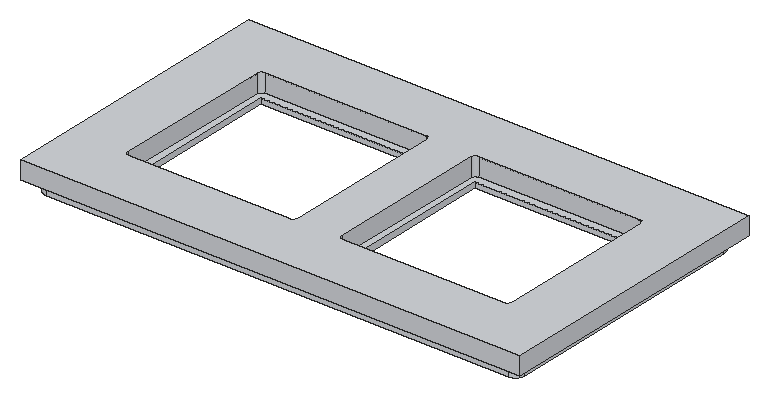
Revit family "Gira_0212127", category Electrical Fixtures, host Face, Revit 2017
Family settings
  Host = Face
  Maintain Annotation Orientation = No
  Round Connector Dimension = Use Diameter
  Part Type = Normal
  Cut with Voids When Loaded = No
  Shared = No
  Room Calculation Point = No
Parameters (values of type "Abdeckrahmen 2f Gira Esprit Alum.Braun")
  Werkstoffgüte = "aluminium"
  Werkstoff = "Metall"
  URL = "http://katalog.gira.de/de_DE/datenblatt.html?artikelnr=0212127"
  Transparent = "No"
  Textfeld/Beschriftungsfläche = "No"
  Schutzart (IP) = "IP20"
  Region = "DE"
  Oberfläche = "sonstige"
  Name = "Abdeckrahmen 2f Gira Esprit Alum.Braun"
  Montagerichtung = "horizontal und vertikal"
  Mit Montagerahmen = "No"
  Mit Klappdeckel = "No"
  Manufacturer URL = "https://www.gira.de/"
  Keynote = "Espr._Rahmen_2fach"
  HeinzeBIM = "https://bimportal.heinze.de/bim/abdeckrahmen-2f-gira-esprit-alum-braun/299ef27d824a28e4231df61f2df30979613c0ab2"
  Halogenfrei = "Yes"
  HAN = "0212127"
  Geeignet für Unterputz-Installation = "Yes"
  Geeignet für Unterflurkanaldose = "No"
  Geeignet für Geräteeinbaukanal = "No"
  Geeignet für Einbauinstallation = "No"
  GTIN = "4010337109082"
  Farbe = "braun"
  Default Elevation = 1219.2 mm
  Data sheet (1) = "https://katalog.gira.de/de_DE/download.html?artikelnr=0212127"
  Category = "Abdeckrahmen"
  Befestigungsart = "Klemmbefestigung"
  Available = "Yes"
  Anzahl der Einheiten vertikal = "2 "
  Anzahl der Einheiten horizontal = "2 "
  Anzahl der Einheiten = "2 "
Reference planes
  plane 1 "Center (Front/Back)": y = 0
  plane 2: z = 0
  plane 3 "Center (Left/Right)": x = 0
Forms (mm)
  Extrusion 1, solid, detail levels fine
    sketch origin (0, 0, 0) x (1, 0, 0) y (0, 1, 0)
      loop
        line (-83, 47.5) -> (-83, -47.5) -> (83, -47.5) -> (83, 47.5) -> (-83, 47.5)
      loop
        arc (-63.75, -26.7) -> (-63.311, -27.761) -> (-62.25, -28.2) r 1.5
        line (-62.25, -28.2) -> (-8.85, -28.2)
        arc (-8.85, -28.2) -> (-7.789, -27.761) -> (-7.35, -26.7) r 1.5
        line (-7.35, -26.7) -> (-7.35, 26.7)
        arc (-7.35, 26.7) -> (-7.789, 27.761) -> (-8.85, 28.2) r 1.5
        line (-8.85, 28.2) -> (-62.25, 28.2)
        arc (-62.25, 28.2) -> (-63.311, 27.761) -> (-63.75, 26.7) r 1.5
        line (-63.75, 26.7) -> (-63.75, -26.7)
      loop
        line (63.75, -26.7) -> (63.75, 26.7)
        arc (63.75, 26.7) -> (63.311, 27.761) -> (62.25, 28.2) r 1.5
        line (62.25, 28.2) -> (8.85, 28.2)
        arc (8.85, 28.2) -> (7.789, 27.761) -> (7.35, 26.7) r 1.5
        line (7.35, 26.7) -> (7.35, -26.7)
        arc (7.35, -26.7) -> (7.789, -27.761) -> (8.85, -28.2) r 1.5
        line (8.85, -28.2) -> (62.25, -28.2)
        arc (62.25, -28.2) -> (63.311, -27.761) -> (63.75, -26.7) r 1.5
    from 0 to 6
  Extrusion 2, solid, detail levels fine
    sketch origin (0, 0, 0) x (1, 0, 0) y (0, 1, 0)
      loop
        line (-61.45, -25.7) -> (-9.65, -25.7) -> (-9.65, 25.7) -> (-61.45, 25.7) -> (-61.45, -25.7)
      loop
        line (61.45, 25.7) -> (9.65, 25.7) -> (9.65, -25.7) -> (61.45, -25.7) -> (61.45, 25.7)
      loop
        arc (-78.454, -41.3) -> (-77.927, -42.573) -> (-76.654, -43.1) r 1.8
        line (-76.654, -43.1) -> (76.654, -43.1)
        arc (76.654, -43.1) -> (77.927, -42.573) -> (78.454, -41.3) r 1.8
        line (78.454, -41.3) -> (78.454, 41.3)
        arc (78.454, 41.3) -> (77.927, 42.573) -> (76.654, 43.1) r 1.8
        line (76.654, 43.1) -> (-76.654, 43.1)
        arc (-76.654, 43.1) -> (-77.927, 42.573) -> (-78.454, 41.3) r 1.8
        line (-78.454, 41.3) -> (-78.454, -41.3)
    from -1.9 to 0
  Extrusion 3, solid, detail levels fine
    sketch origin (0, 0, 0) x (1, 0, 0) y (0, 1, 0)
      loop
        arc (-76.75, 44.4) -> (-78.871, 43.521) -> (-79.75, 41.4) r 3
        line (-79.75, 41.4) -> (-79.75, -41.4)
        arc (-79.75, -41.4) -> (-78.871, -43.521) -> (-76.75, -44.4) r 3
        line (-76.75, -44.4) -> (76.75, -44.4)
        arc (76.75, -44.4) -> (78.871, -43.521) -> (79.75, -41.4) r 3
        line (79.75, -41.4) -> (79.75, 41.4)
        arc (79.75, 41.4) -> (78.871, 43.521) -> (76.75, 44.4) r 3
        line (76.75, 44.4) -> (-76.75, 44.4)
      loop
        arc (-78.55, -41.4) -> (-78.023, -42.673) -> (-76.75, -43.2) r 1.8
        line (-76.75, -43.2) -> (76.75, -43.2)
        arc (76.75, -43.2) -> (78.023, -42.673) -> (78.55, -41.4) r 1.8
        line (78.55, -41.4) -> (78.55, 41.4)
        arc (78.55, 41.4) -> (78.023, 42.673) -> (76.75, 43.2) r 1.8
        line (76.75, 43.2) -> (-76.75, 43.2)
        arc (-76.75, 43.2) -> (-78.023, 42.673) -> (-78.55, 41.4) r 1.8
        line (-78.55, 41.4) -> (-78.55, -41.4)
    from -3.7 to 0
  Extrusion 4, solid, detail levels medium
    sketch origin (0, 0, 0) x (1, 0, 0) y (0, 1, 0)
      loop
        line (-83, 47.5) -> (-83, -47.5) -> (83, -47.5) -> (83, 47.5) -> (-83, 47.5)
    from 0 to 6
  Extrusion 5, solid, detail levels medium
    sketch origin (0, 0, 0) x (1, 0, 0) y (0, 1, 0)
      loop
        line (-79.75, 44.4) -> (-79.75, -44.4) -> (79.75, -44.4) -> (79.75, 44.4) -> (-79.75, 44.4)
    from -3.7 to 0
  Extrusion 6, solid, detail levels coarse
    sketch origin (0, 0, 0) x (1, 0, 0) y (0, 1, 0)
      loop
        line (-83, 47.5) -> (-83, -47.5) -> (83, -47.5) -> (83, 47.5) -> (-83, 47.5)
    from -3.7 to 6
Dimensions and locks
  aligned and locked: plane 2 to host face
  aligned and locked: level to host face
